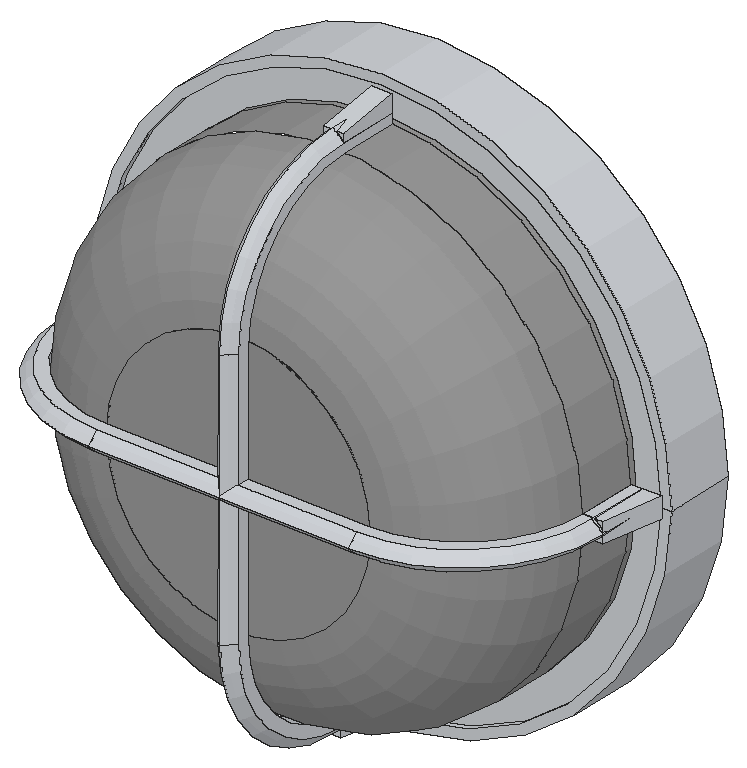
Revit family "O10-S290-X LED 900 AC 830 WH_Vertical Wall", category Lighting Fixtures, Revit 2016
Family settings
  Part Type = Normal
  Round Connector Dimension = Use Diameter
  OmniClass Number = 23.80.70.00
  OmniClass Title = Lighting
  Work Plane-Based = No
  Always vertical = Yes
  Cut with Voids When Loaded = No
  Light Source = Yes
  Shared = No
  Room Calculation Point = No
Parameters
  Wiring Accessories = ""
  Wattage Comments = ""
  Wattage = 12 W
  VoltageMax = 240 V
  built-in parameter 1150110 = 1 (stored number, unit not read)
  Voltage = 220 V
  UpdateDate = "27.04.2018 10:30:06"
  URL UK = "http://glamox.com/uk/products/O10-S290/items/O10213200"
  URL Sweden = "http://glamox.com/se/produkter/O10-S290/items/O10213200"
  URL Russia = "http://glamox.com/ru/products/O10-S290/items/O10213200"
  URL Other = "http://glamox.com/gsx/products/O10-S290/items/O10213200"
  URL Norway = "http://glamox.com/no/produkter/O10-S290/items/O10213200"
  URL Ireland = "http://glamox.com/ie/products/O10-S290/items/O10213200"
  URL Germany = "http://glamox.com/de/products/O10-S290/items/O10213200"
  URL Finland = "http://glamox.com/fi/products/O10-S290/items/O10213200"
  URL Estonia = "http://glamox.com/ee/products/O10-S290/items/O10213200"
  URL Denmark = "http://glamox.com/dk/produkter/O10-S290/items/O10213200"
  URL = ""
  TypeOfEmergency = ""
  TypeOfBallast = ""
  TotalWattage = 12 W
  Total Load = 12 W
  built-in parameter 1114217 = 1 (stored number, unit not read)
  Top Radius = Radius - 32.5 mm  # 112.5 mm
  Tilt Angle = 90.00°
  Termination = "5x2x2,5 PI"
  built-in parameter 1150109 = 1 (stored number, unit not read)
  built-in parameter 1150134 = (empty or 0)
  built-in parameter 1150113 = 1 (stored number, unit not read)
  Specification = "Outdoor product, in Aluminium, for Surface/Wall mounting, impact classification IK10, IP66, light source LED, lumen out 854lm, ballast type AC, with light source type CRI>80, 3000K, with Polycarbonate diffuser."
  Remark = ""
  RatedVoltage = 220 V
  PowerFactor = 98.00%
  Power Factor = 0.98
  Plug Type = ""
  Photometric Web File = "O10-S290-X-LED-900-830.ies"
  Optic = ""
  Number of Poles = 1
  NominalFrequencyRange = 50 Hz
  ModelReference = "O10-S290"
  ModelLabel = "O10-S290-X LED 900 AC 830 WH"
  Maximum TA = 40
  MaintenanceFactor = 0
  MFArtNo = "O10213200"
  LumDiameter = Diameter  # 290 mm
  Load Classification [instance] = Lighting
  Model = ""
  Manufacturer = "Glamox"
  Lumens = 854 lm
  built-in parameter 1150115 = 1 (stored number, unit not read)
  built-in parameter 1150105 = 67.959 (stored number, unit not read)
  LightFixturePlacingType = "WALL"
  LightFixtureMountingType = "SURFACE"
  built-in parameter 1150137 = (empty or 0)
  built-in parameter 1150139 = (empty or 0)
  LampBase = ""
  Lamp Wattage Comments = ""
  built-in parameter 1150112 = 1 (stored number, unit not read)
  built-in parameter 1150114 = 1 (stored number, unit not read)
  Lamp = "LED"
  built-in parameter 1150132 = 2
  built-in parameter 1150102 = (empty or 0)
  built-in parameter 1150138 = (empty or 0)
  built-in parameter 1150107 = 3000 (stored number, unit not read)
  built-in parameter 1150106 = 0.67959 (stored number, unit not read)
  IP_Code = "66"
  IPClass = "66"
  IK_Code = ""
  IFC Classification = "Light Fixture"
  Height = 149 mm
  GlobalTradeItemNumber = "4741145295826"
  Glamox Mounting = "Surface"
  Glamox Family = "O10-S290"
  Glamox Category = "Outdoor"
  FrequencyMax = 60 Hz
  Frequency = 50 Hz
  Expired = "0"
  Emit from Circle Diameter = LumDiameter  # 290 mm
  Emit Shape Visible in Rendering = yes
  built-in parameter 1150104 = 6.6116 (stored number, unit not read)
  ELNo Norway = ""
  ELNo Finland = ""
  EANNo = "4741145295826"
  DurationInBatteryMode = ""
  Dimming Lamp Color Temperature Shift = Incandescent Lamp Curve
  Diameter = 290 mm
  Description = "O10-S290-X LED 900 AC 830 WH"
  Cut Out = ""
  Completion = ""
  Color Filter = 16777215
  Radius = Diameter / 2  # 145 mm
  Body Material and Colour = Default
  built-in parameter 1114218 = 1 (stored number, unit not read)
  built-in parameter 1150133 = 10 (stored number, unit not read)
  Assembly Code = ""
  ArticleNumber = "O10213200"
  Apparent Load = Total Load / Power Factor  # 12.2449 VA
  #Ballast = 1
  # ballast on a MCB16 type C fuse = "176"
  # ballast on a MCB16 type B fuse = "130"
Reference planes
  plane 1 "Light Source Axis (F/B)": y = -154.69
  plane 2: z = 0
  plane 3 "Light Source Axis (L/R)": x = 0
  plane 4 "Light Source Elevation": z = -205.079
  plane 5: x = 0
  plane 6: y = 0.31
Forms (mm)
  Extrusion 1, solid, material "Default" <- "Body Material and Colour", not visible
    sketch origin (-13.045, 0, 0) x (1, 0, 0) y (0, -0.001185, -0.999999)
      loop
        circle (0, 0.31) r 10
    from -1.079 to 0
  Revolve 2, solid
    sketch origin (0, -1.079, 0.001) x (-1, 0, 0) y (0, -0.999999, 0.001185)
      loop
        arc (-66, 139) -> (-107.719, 121.719) -> (-125, 80) r 59
        line (-125, 80) -> (-125, 50) -> (-125, 47.047) -> (-140, 47.047) -> (-140, 50) -> (-145, 50) -> (-145, 15) -> (-125, 15) -> (-125, -1.079) -> (0, -1.079) -> (0, 139) -> (-66, 139)
      axis (0, 139) -> (0, -1.079)
    angle from 0 to 360
  Extrusion 3, solid
    sketch origin (0, -1.079, 0.001) x (-1, 0, 0) y (0, -0.999999, 0.001185)
      loop
        line (-140, 50) -> (-125, 50) -> (-125, 80) -> (-134.828, 80) -> (-140, 50)
    from -5 to 5
  Extrusion 4, solid
    sketch origin (0, -1.079, 0.001) x (1, 0, 0) y (0, 0.999999, -0.001185)
      loop
        line (-140, -50) -> (-134.916, -80) -> (-125, -80) -> (-125, -50) -> (-140, -50)
    from -5 to 5
  Extrusion 5, solid
    sketch origin (0, -1.224, -121.982) x (0, 0.001185, 0.999999) y (0, 0.999999, -0.001185)
      loop
        line (259.65, -50) -> (244.65, -50) -> (244.65, -80) -> (254.745, -80) -> (259.65, -50)
    from -5 to 5
  Sweep 6, solid
    path origin (0, -1.079, 0.001) x (-1, 0, 0) y (0, -0.999999, 0.001185)
      loop
        line (-130, 51.079) -> (-130, 81.079)
        arc (-130, 81.079) -> (-110.962, 127.041) -> (-65, 146.079) r 65
        line (-65, 146.079) -> (0, 146.079) -> (64.958, 146.079)
        arc (64.958, 146.079) -> (111.683, 126.725) -> (131.037, 80) r 66.079
        line (131.037, 80) -> (131.037, 50)
    profile origin (110.962, -128.12, 0.152) x (0.707107, -0.707106, 0.000838) y (0, 0.001185, 0.999999)
      loop
        line (-5.707, 5) -> (-5.707, -5) -> (0, -5)
        arc (0, -5) -> (3.052, -2.976) -> (5.564, -0.31) r 16
        arc (5.564, -0.31) -> (3.133, 2.528) -> (0.33, 5) r 26.787
        line (0.33, 5) -> (-5.707, 5)
  Sweep 7, solid
    path origin (0.31, -1.635, -121.232) x (0, 0.001185, 0.999999) y (0, -0.999999, 0.001185)
      loop
        line (-10.35, 50) -> (-10.35, 80)
        arc (-10.35, 80) -> (8.688, 125.962) -> (54.65, 145) r 65
        line (54.65, 145) -> (119.65, 145) -> (184.608, 145)
        arc (184.608, 145) -> (230.57, 125.962) -> (249.608, 80) r 65
        line (249.608, 80) -> (249.608, 49.588)
    profile origin (0.31, -127.586, -112.395) x (0, -0.707944, -0.706269) y (1, 0, 0)
      loop
        line (-5.707, 5) -> (-5.707, -5) -> (0, -5)
        arc (0, -5) -> (3.052, -2.976) -> (5.564, -0.31) r 16
        arc (5.564, -0.31) -> (3.133, 2.528) -> (0.33, 5) r 26.787
        line (0.33, 5) -> (-5.707, 5)
  Extrusion 8, solid
    sketch origin (0, -0.939, 118.096) x (0, -0.001185, -0.999999) y (0, 0.999999, -0.001185)
      loop
        line (259.65, -50) -> (244.65, -50) -> (244.65, -81.079) -> (254.745, -81.079) -> (259.65, -50)
    from -5 to 5
Lines and regions (mm)
  symbolic lines
    curve 1: circle (0, 0.31, -205.079) r 145 normal (0, 0, -1)
    curve 2: line (0, 0.31, -205.079) -> (102.53, 102.841, -205.079)
    curve 3: line (0, 0.31, -205.079) -> (102.53, -102.22, -205.079)
    curve 4: line (0, 0.31, -205.079) -> (-102.53, -102.22, -205.079)
    curve 5: line (0, 0.31, -205.079) -> (-102.53, 102.841, -205.079)
Dimensions and locks
  aligned and locked: Extrusion 4 to Sweep 6
  aligned and locked: plane 3 "Light Source Axis (L/R)" to plane 5
  aligned and locked: plane 3 "Light Source Axis (L/R)" to imposter light
  aligned and locked: level to plane 2
  aligned and locked: plane 1 "Light Source Axis (F/B)" to imposter light
Connectors
  electrical at (0, 0, 0), driven by "Load Classification", driven by "Voltage", driven by "Apparent Load", driven by "Power Factor"
    settings: on Revolve 2, index 2, voltage 220 V, apparent load 0 VA, apparent load phase1 12.2449 VA, apparent load phase2 0 VA, apparent load phase3 0 VA, power factor 0.98, load classification "Lighting", number of poles 1, system type 31, power factor state 1, is connector primary yes, connector utility no, sub classification motor no, connector description ""
